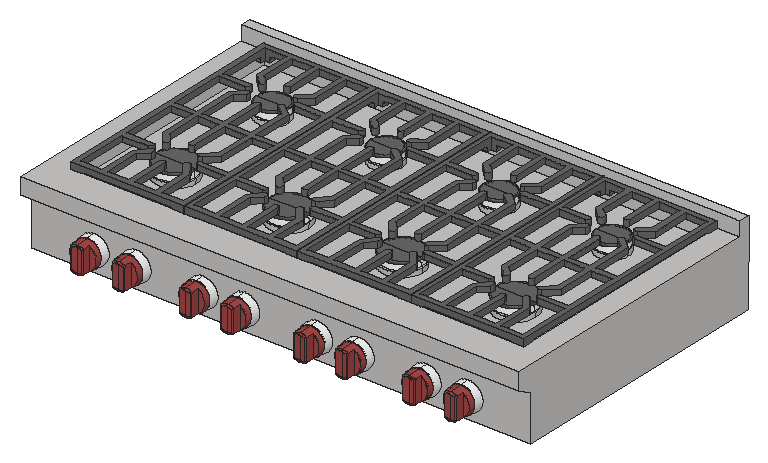
Revit family "e5de50f6c40e47718343b63774e076e1", category Specialty Equipment, Revit 2021
Family settings
  Round Connector Dimension = Use Diameter
  Part Type = Normal
  OmniClass Number = 23.40.40.14
  OmniClass Title = Food Service Equipment
  Work Plane-Based = No
  Always vertical = Yes
  Cut with Voids When Loaded = No
  Shared = No
  Room Calculation Point = No
Parameters (values of type "Burners")
  Width = 3' - 11 7/8"
  Wall Offset = 0' - 0"
  Voltage = 120 V
  Type Comments = ""
  Trim Finish = Appliance - Chrome
  Show Label = yes
  Power Consumption = 500 VA
  Label = "Rangetop"
  Knob = Appliance - Plastic - Red
  Height = 0' - 8 1/8"
  Griddle = Appliance - Stainless Steel - Brushed
  Grate Width = (Width - 0' 4 1/4") / 4 - 0' 0 1/32"  # 0' - 10 7/8"
  Grate Depth = Depth - 0' 4 79/256"  # 1' - 11 1/4"
  Description = "Rangetop"
  Depth = 2' - 3 143/256"
  Default Elevation = 0' - 0"
  Center Right Burners = yes
  Center Grate - Right = Cook Surface : Burners
  Center Grate - Left = Cook Surface : Burners
  Center Left Burners = yes
  Burner = Appliance - Burner Cover
  Assembly Code = "E1090320"
  Appliance Finish = Appliance - Stainless Steel - Semi-Polished
  Amperage = Power Consumption / Voltage  # 4.16667 A
Types (8): name | Grate Depth | Depth | Center Right Burners | Center Grate - Right | Center Grate - Left | Center Left Burners
  Burners | 1' - 11 1/4" | 2' - 3 143/256" | yes | Cook Surface : Burners | Cook Surface : Burners | yes
  Griddle / Grill | 1' - 11 1/4" | 2' - 3 143/256" | no | Cook Surface : Grill | Cook Surface : Griddle | no
  Grill / Griddle | 1' - 11.25046" | 2' - 3.55906" | no | Cook Surface : Griddle | Cook Surface : Grill | no
  Double Griddle | 1' - 11 1/4" | 2' - 3 143/256" | no | Cook Surface : Double Griddle - Right | Cook Surface : Double Griddle - Left | no
  Griddle - Center Left | 1' - 11 1/4" | 2' - 3 143/256" | yes | Cook Surface : Burners | Cook Surface : Griddle | no
  Griddle - Center Right | 1' - 11 1/4" | 2' - 3 143/256" | no | Cook Surface : Griddle | Cook Surface : Burners | yes
  Grill - Center Left | 1' - 11 1/4" | 2' - 3 143/256" | yes | Cook Surface : Burners | Cook Surface : Grill | no
  Grill - Center Right | 1' - 11 1/4" | 2' - 3 143/256" | no | Cook Surface : Grill | Cook Surface : Burners | yes
Reference planes (in)
  plane 1 "Back": y = 0
  plane 2: z = 0
  plane 3 "Center (Left/Right)": x = 0
  plane 4 "Left": x = -23.9375
  plane 5 "Right": x = 23.9375
  plane 6: y = 0
  plane 7 "Edge": y = -27.55859
  plane 8 "Door Back": y = -24.25151
  plane 9 "Top": z = 8.125
  plane 10 "Burner": z = 6.74705
  plane 11 "Knobs": z = 1.99705
  plane 12 "Door Face": y = -26.14127
  plane 13: x = 21.75
  plane 14: x = -21.75
  plane 15: x = 13.05
  plane 16: x = -13.05
  plane 17: x = -6.0625
  plane 18: x = -4.35
  plane 19: x = 4.35
  plane 20: x = -17.9375
  plane 21: x = -13.9375
  plane 22: x = 17.9375
  plane 23: x = 13.9375
  plane 24: x = 9.51875
  plane 25: z = 5.48957
  plane 26: x = -15
  plane 27: x = 8.9375
  plane 28: y = -37.55859
  plane 29: x = -0.4
  plane 30: x = 0.4
  plane 31: x = -1.2
  plane 32: x = 1.2
  plane 33: x = 11.15625
  plane 34 "1": x = -10.875
  plane 35: x = 0
  plane 36 "2": x = 10.875
  plane 37: x = -7.3125
  plane 38: x = 7.625
  plane 39: x = -7.34375
  plane 40: x = 7.34375
  plane 41: x = -3.5
  plane 42: x = -7.5
  plane 43: x = 3.5
  plane 44: x = 7.5
  plane 45: x = 19.9375
  plane 46: x = 16.9375
  plane 47: y = -4
Forms (in)
  Extrusion 1, void
    sketch origin (0, 0, 8.125) x (-1, 0, 0) y (0, -1, 0)
      loop
        line (21.75, 1) -> (21.75, 24.25151) -> (-21.75, 24.25151) -> (-21.75, 1) -> (21.75, 1)
    from 0 to -2.63543
  Extrusion 2, solid, material "Appliance - Stainless Steel - Semi-Polished" <- "Appliance Finish"
    sketch origin (0, 0, 0) x (0, 1, 0) y (0, 0, 1)
      loop
        line (-1, 8.125) -> (-1, 6.74705) -> (-27.55859, 6.74705) -> (-27.55859, 5.17224) -> (-26.14127, 4.38484) -> (-26.14127, 0) -> (0, 0) -> (0, 8.125) -> (-1, 8.125)
    from -23.9375 to 23.9375
Cuts and joins
  Extrusion 1 cuts Extrusion 2
Lines and regions (in)
  Split face 1
    outline origin (23.9375, -26.14127, 0) x (0, 1, 0) y (-1, 0, 0)
      loop
        circle (22.14127, 4) r 0.25
  Split face 2
    outline origin (23.9375, -26.14127, 0) x (0, 1, 0) y (-1, 0, 0)
      loop
        circle (22.14127, 7) r 0.25
Dimensions and locks (in)
  equal spacing: plane 4 "Left", plane 3 "Center (Left/Right)", plane 5 "Right"
  "Width": plane 4 "Left" to plane 5 "Right"
  "Depth": plane 6 to plane 7 "Edge"
  "Wall Offset": plane 1 "Back" to plane 6
  "Height": plane 9 "Top" to level
  locked: plane 8 "Door Back" to plane 7 "Edge" at 3.30709
  locked: plane 9 "Top" to plane 10 "Burner" at 1.37795
  locked: plane 10 "Burner" to plane 11 "Knobs" at 4.75
  locked: plane 6 to Extrusion 2 sketch curve at 1
  plane 6 to Extrusion 1 sketch curve = 0' - 1"
  locked: plane 7 "Edge" to plane 12 "Door Face" at 1.41732
  locked: plane 13 to plane 5 "Right" at 2.1875
  plane 4 "Left" to plane 14 = 0' - 2 3/16"
  locked: plane 5 "Right" to plane 17 at 30
  equal spacing: plane 14, plane 16, plane 18, plane 19, plane 15, plane 13
  plane 21 to plane 20 to plane 4 "Left" = 0' - 4" locked, 0' - 6" locked
  plane 5 "Right" to plane 22 to plane 23 = 0' - 6" locked, 0' - 4" locked
  locked: plane 15 to plane 24 at 3.53125
  locked: plane 9 "Top" to plane 25 at 2.63543
  equal spacing: plane 4 "Left", plane 26, plane 17
  equal spacing: plane 17, plane 27, plane 5 "Right"
  locked: plane 7 "Edge" to plane 28 at 10
  locked: plane 3 "Center (Left/Right)" to plane 29 at 0.4
  plane 30 to plane 3 "Center (Left/Right)" = 0' - 0.4"
  locked: plane 32 to plane 30 at 0.8
  locked: plane 29 to plane 31 at 0.8
  plane 14 to plane 34 "1" to plane 35 to plane 13 = 0' - 10 7/8", 0' - 10 7/8", 1' - 9 3/4"  (x2)
  plane 20 to plane 21 = 0' - 4"
  equal spacing: plane 14, plane 34 "1", plane 35, plane 36 "2", plane 13
  locked: plane 17 to plane 37 at 1.25
  plane 33 to plane 38 = 0' - 3 17/32"
  locked: plane 39 to plane 34 "1" at 3.53125
  locked: plane 36 "2" to plane 40 at 3.53125
  plane 3 "Center (Left/Right)" to plane 41 to plane 42 = 0' - 3 1/2" locked, 0' - 4" locked
  locked: plane 43 to plane 3 "Center (Left/Right)" at 3.5
  locked: plane 44 to plane 43 at 4
  plane 46 to plane 45 to plane 5 "Right" = 0' - 3" locked, 0' - 4" locked
  locked: plane 6 to plane 47 at 4
  radius of Split face 1 sketch curve = 0' - 0 1/4"
  radius of Split face 2 sketch curve = 0' - 0 1/4"
  aligned and locked: plane 2 to level
  aligned and locked: plane 9 "Top" to Extrusion 2 sketch curve
  aligned and locked: Extrusion 2 sketch curve to plane 12 "Door Face"
  aligned and locked: plane 7 "Edge" to Extrusion 2 sketch curve
  aligned and locked: plane 10 "Burner" to Extrusion 2 sketch curve
  aligned and locked: Extrusion 2 sketch curve to plane 6
  aligned and locked: plane 12 "Door Face" to nested 2
  aligned and locked: plane 12 "Door Face" to nested 3
  aligned and locked: nested 2 to plane 11 "Knobs"
  aligned and locked: nested 3 to plane 11 "Knobs"
  aligned and locked: plane 12 "Door Face" to nested 4
  aligned and locked: nested 4 to plane 11 "Knobs"
  aligned and locked: plane 14 to Extrusion 1 sketch curve
  aligned and locked: Extrusion 1 sketch curve to plane 13
  aligned and locked: nested 5 to plane 8 "Door Back"
  aligned and locked: nested 8 to plane 11 "Knobs"
  aligned and locked: nested 6 to plane 11 "Knobs"
  aligned and locked: nested 7 to plane 11 "Knobs"
  aligned and locked: nested 7 to plane 12 "Door Face"
  aligned and locked: nested 8 to plane 12 "Door Face"
  aligned and locked: nested 6 to plane 12 "Door Face"
  aligned and locked: nested 9 to plane 12 "Door Face"
  aligned and locked: nested 10 to plane 12 "Door Face"
  aligned and locked: plane 20 to nested 4
  aligned and locked: plane 21 to nested 3
  aligned and locked: plane 22 to nested 6
  aligned and locked: plane 23 to nested 2
  aligned and locked: nested 9 to plane 11 "Knobs"
  aligned and locked: nested 10 to plane 11 "Knobs"
  aligned and locked: plane 25 to nested 5
  aligned and locked: nested 1 to plane 28
  aligned and locked: nested 5 to plane 14
  aligned and locked: plane 34 "1" to nested 11
  aligned and locked: plane 36 "2" to nested 13
  aligned and locked: plane 36 "2" to nested 12
  aligned and locked: plane 8 "Door Back" to nested 11
  aligned and locked: plane 8 "Door Back" to nested 12
  aligned and locked: plane 8 "Door Back" to nested 13
  aligned and locked: plane 25 to nested 11
  aligned and locked: plane 25 to nested 12
  aligned and locked: plane 25 to nested 13
  aligned and locked: plane 3 "Center (Left/Right)" to nested 1
  aligned and locked: cut or joined group of Extrusion 1, Extrusion 2 to plane 2
  aligned and locked: plane 41 to nested 9
  aligned and locked: plane 42 to nested 7
  aligned and locked: plane 43 to nested 10
  aligned and locked: plane 44 to nested 8
  aligned and locked: Extrusion 2 to plane 4 "Left"
  aligned and locked: plane 5 "Right" to cut or joined group of Extrusion 1, Extrusion 2
Automatic sketch dimensions
  Extrusion 1 sketch curve to plane 8 "Door Back" = 0' - 0"
  Extrusion 2 sketch curve to plane 10 "Burner" = 0' - 2.3622"
  Extrusion 2 sketch curve to Extrusion 2 sketch curve = 0' - 1.5748"
  level to Extrusion 2 sketch curve = 0' - 0"
  Split face 1 sketch curve to cut or joined group of Extrusion 1, Extrusion 2 = 0' - 4"  (x2)
  Split face 2 sketch curve to cut or joined group of Extrusion 1, Extrusion 2 = 0' - 4"
  Split face 2 sketch curve to cut or joined group of Extrusion 1, Extrusion 2 = 0' - 7"
Nested families (in)
  nested 1: "Label Annotation 3-32" at (0, -37.55859, 0), visible <- "Show Label", type "Label Annotation 3-32"
  nested 2: "Knob" at (13.9375, -26.14127, 1.99705), type "Knob", detail levels medium+fine
  nested 3: "Knob" at (-13.9375, -26.14127, 1.99705), type "Knob", detail levels medium+fine
  nested 4: "Knob" at (-17.9375, -26.14127, 1.99705), type "Knob", detail levels medium+fine
  nested 5: "Cook Surface" at (-16.30585, -12.62651, 5.48957), type "Burners"
    with Grate Width 0' - 10 7/8", Grate Depth 1' - 11 1/4"
  nested 6: "Knob" at (17.9375, -26.14127, 1.99705), type "Knob", detail levels medium+fine
  nested 7: "Knob" at (-7.5, -26.14127, 1.99705), type "Knob", detail levels medium+fine
  nested 8: "Knob" at (7.5, -26.14127, 1.99705), type "Knob", detail levels medium+fine
  nested 9: "Knob" at (-3.5, -26.14127, 1.99705), visible <- "Center Left Burners", type "Knob", detail levels medium+fine
  nested 10: "Knob" at (3.5, -26.14127, 1.99705), visible <- "Center Right Burners", type "Knob", detail levels medium+fine
  nested 11: "Cook Surface" at (-5.43085, -12.62651, 5.48957), type <- "Center Grate - Left", type "Burners"
    with Grate Width 0' - 10 7/8", Grate Depth 1' - 11 1/4"
  nested 12: "Cook Surface" at (5.44415, -12.62651, 5.48957), type <- "Center Grate - Right", type "Burners"
    with Grate Width 0' - 10 7/8", Grate Depth 1' - 11 1/4"
  nested 13: "Cook Surface" at (16.31915, -12.62651, 5.48957), type "Burners"
    with Grate Width 0' - 10 7/8", Grate Depth 1' - 11 1/4"
Connectors (in)
  electrical at (19.9375, -4, 0), driven by "Voltage", driven by "Power Consumption"
    settings: on cut or joined group of Extrusion 1, Extrusion 2, index 1, voltage 120 V, apparent load 500 VA, apparent load phase1 0 VA, apparent load phase2 0 VA, apparent load phase3 0 VA, power factor 1, load classification "Appliance", number of poles 1, system type 30, power factor state 1, is connector primary yes, connector utility no, sub classification motor no, connector description "Rangetop Power"
  piping at (16.9375, -4, 0), diameter 0.5
    settings: on cut or joined group of Extrusion 1, Extrusion 2, index 2, connector inside diameter 24", connector length 0' - 0", flow factor 0, pipe flow 0 GPM, pressure drop 0.00 psi, fitting loss kfactor 0, connector angle 0.00°, fixture units 0, engagement length 0' - 0", angle of deflection 0.00°, flow configuration 1, flow direction 1, fitting loss method 0, system type 22, joint type 0, gender type 0, connector reference index -1, connector utility 0, adjustable connector no, is connector primary yes, connector description "Rangetop Gas"
Definition of nested family "Knob"
  Parameters
    Material = none
    Default Elevation = 0' - 0"
    Bezel Material = none
  Reference planes (in)
    plane 1 "Center (Front/Back)": y = 0
    plane 2: z = 0
    plane 3 "Center (Left/Right)": x = 0
    plane 4: y = -1.37795
    plane 5: y = -2.16535
  Forms (in)
    Revolve 1, solid, material <- "Material"
      sketch origin (0, 0, 0) x (0, 1, 0) y (0, 0, 1)
        loop
          line (0, 1.37795) -> (-0.7874, 1.29921) -> (-0.7874, 1.25984) -> (-2.07428, 1.22307)
          arc (-2.07428, 1.22307) -> (-2.13884, 1.1947) -> (-2.16535, 1.12936) r 0.09375
          line (-2.16535, 1.12936) -> (-2.16535, 0) -> (0, 0) -> (0, 1.37795)
        axis (0, 0) -> (-2.16535, 0)
      angle from 0 to 360
    Extrusion 2, void
      sketch origin (0, 0, 0) x (1, 0, 0) y (0, 1, 0)
        loop
          line (1.24297, -1.37795) -> (0.59055, -1.37795) -> (0.59055, -2.0716)
          arc (0.59055, -2.0716) -> (0.56309, -2.1379) -> (0.4968, -2.16535) r 0.09375
          line (0.4968, -2.16535) -> (1.24297, -2.16535) -> (1.24297, -1.37795)
        loop
          line (-1.24297, -1.37795) -> (-1.24297, -2.16535) -> (-0.4968, -2.16535)
          arc (-0.4968, -2.16535) -> (-0.56309, -2.1379) -> (-0.59055, -2.0716) r 0.09375
          line (-0.59055, -2.0716) -> (-0.59055, -1.37795) -> (-1.24297, -1.37795)
      from -1.36823 to 1.44523
  Cuts and joins
    Extrusion 2 cuts Revolve 1
  Dimensions and locks (in)
    plane 5 to plane 4 to plane 1 "Center (Front/Back)" = 0' - 0.7874" locked, 0' - 1.37795" locked
    aligned and locked: plane 2 to level
    aligned and locked: Revolve 1 sketch curve to level
    aligned and locked: plane 4 to Extrusion 2 sketch curve
    aligned and locked: Extrusion 2 sketch curve to plane 5
Definition of nested family "Cook Surface"
  Parameters (values of type "Grill")
    ShowGrate = no
    Show Base = yes
    Has Grill = yes
    Has Griddle = no
    Griddle Right Extension = 0' - 1.27352"
    Griddle Left Extension = 0' - 0.83367"
    Griddle = none
    Grate Width = 0' - 10.54167"
    Grate Thickness = 0' - 0 1/2"
    Grate Depth = 1' - 11.25046"
    Grate = none
    Default Elevation = 0' - 0"
    Burner = none
    Has Burners = no
    Show Burners = no
  Types (3): name | ShowGrate | Show Base | Has Grill | Has Griddle | Griddle Right Extension | Griddle Left Extension | Grate Thickness | Has Burners | Show Burners
    Burners | yes | no | no | no | 0' - 0 1/8" | 0' - 0 1/8" | 0' - 0 1/2" | yes | yes
    Grill | no | yes | yes | no | 0' - 1.27352" | 0' - 0.83367" | 0' - 0 1/2" | no | no
    Griddle | no | no | no | yes | 0' - 0 1/8" | 0' - 0 1/8" | 0' - 0.57023" | no | no
  Reference planes (in)
    plane 1 "Center (Front/Back)": y = 0
    plane 2 "Bottom": z = 0
    plane 3 "Center (Left/Right)": x = -0.00665
    plane 4 "T.O. Burner": z = 1.34217
    plane 5 "Back Burner": y = 5.81262
    plane 6 "Front Burner": y = -5.81262
    plane 7: z = 2.43858
    plane 8 "B.O. Grate": z = 0
    plane 9 "T.O. Pan": z = 0.76772
    plane 10 "Back": y = 11.62523
    plane 11 "Front": y = -11.62523
    plane 12 "Left": x = -5.27749
    plane 13 "Right": x = 5.26418
    plane 14 "Surface Bottom": z = 1.8783
    plane 15: x = -2.76707
    plane 16: x = 2.25376
    plane 17: x = 4.76418
    plane 18: x = -4.77749
    plane 19: y = 11.06273
    plane 20: y = 6.06262
    plane 21: y = 0.25
    plane 22: y = -0.25
    plane 23: y = -11.06273
    plane 24: x = -2.26707
    plane 25: x = 2.75376
    plane 26: x = -0.27228
    plane 27: x = 0.24335
    plane 28: y = 5.56262
    plane 29: y = -5.56262
    plane 30: y = -6.06262
    plane 31: x = -4.44381
    plane 32: x = 3.99066
  Forms (in)
    Extrusion 1, void
      sketch origin (17.08036, 13.77842, -33.41886) x (1, 0, 0) y (0, 0, 1)
        loop
          arc (-12.81618, 34.51103) -> (-12.8894, 34.6878) -> (-13.06618, 34.76103) r 0.25
          line (-13.06618, 34.76103) -> (-21.10784, 34.76103)
          arc (-21.10784, 34.76103) -> (-21.28462, 34.6878) -> (-21.35784, 34.51103) r 0.25
          line (-21.35784, 34.51103) -> (-21.35784, 34.18658) -> (-12.81618, 34.18658) -> (-12.81618, 34.51103)
      from 2.15342 to 27.35634
    Extrusion 2, void
      sketch origin (17.08036, 13.77842, -33.41886) x (0, 1, 0) y (0, 0, 1)
        loop
          arc (-3.15319, 34.51103) -> (-3.22641, 34.6878) -> (-3.40319, 34.76103) r 0.25
          line (-3.40319, 34.76103) -> (-24.15365, 34.76103)
          arc (-24.15365, 34.76103) -> (-24.33043, 34.6878) -> (-24.40365, 34.51103) r 0.25
          line (-24.40365, 34.51103) -> (-24.40365, 34.18658) -> (-3.15319, 34.18658) -> (-3.15319, 34.51103)
      from -22.35784 to -11.81618
    Revolve 3, solid, material <- "Burner", visible <- "Show Burners"
      sketch origin (0.0625, 5.81262, -33.41886) x (1, 0, 0) y (0, 0, 1)
        loop
          line (-0.06915, 33.41886) -> (-0.06915, 34.73414) -> (-1.53659, 34.73414)
          arc (-1.53659, 34.73414) -> (-1.6119, 34.65884) -> (-1.53659, 34.58353) r 0.07531
          line (-1.53659, 34.58353) -> (-1.42618, 34.58353) -> (-1.53143, 33.96435) -> (-1.60728, 33.86325) -> (-1.60728, 33.41886) -> (-0.06915, 33.41886)
        axis (-0.06915, 34.73414) -> (-0.06915, 33.41886)
      angle from 0 to 360
    Revolve 4, solid, material <- "Burner", visible <- "Show Burners"
      sketch origin (0, -5.81262, -33.41886) x (1, 0, 0) y (0, 0, 1)
        loop
          line (-0.00665, 33.41886) -> (-0.00665, 34.73414) -> (-1.89597, 34.73414)
          arc (-1.89597, 34.73414) -> (-1.97127, 34.65884) -> (-1.89597, 34.58353) r 0.07531
          line (-1.89597, 34.58353) -> (-1.78555, 34.58353) -> (-1.89081, 33.96435) -> (-1.96666, 33.86325) -> (-1.96666, 33.41886) -> (-0.00665, 33.41886)
        axis (-0.00665, 34.73414) -> (-0.00665, 33.41886)
      angle from 0 to 360
    Extrusion 5, solid, material <- "Grate", visible <- "Show Base", detail levels medium+fine
      sketch origin (0, 0, 0.76772) x (-1, 0, 0) y (0, -1, 0)
        loop
          line (5.27749, -11.62523) -> (5.27749, 11.62523) -> (-5.26418, 11.62523) -> (-5.26418, -11.62523) -> (5.27749, -11.62523)
        loop
          line (4.45725, -10.805) -> (4.45725, 10.805) -> (-4.45168, 10.805) -> (-4.45168, -10.805) -> (4.45725, -10.805)
      from 0 to 1.11058
    Extrusion 6, solid, material <- "Grate", visible <- "Has Grill"
      sketch origin (0, 0, 0) x (1, 0, 0) y (0, 0, 1)
        loop
          line (-5.27749, 1.8783) -> (-4.85071, 1.8783) -> (-4.85071, 2.2618) -> (-5.02749, 2.43858) -> (-5.27749, 2.43858) -> (-5.27749, 1.8783)
        loop
          line (0.1487, 1.8783) -> (0.1487, 2.43858) -> (-0.16201, 2.43858) -> (-0.16201, 1.8783) -> (0.1487, 1.8783)
        loop
          line (-0.47271, 1.8783) -> (-0.47271, 2.43858) -> (-0.78341, 2.43858) -> (-0.78341, 1.8783) -> (-0.47271, 1.8783)
        loop
          line (-1.09412, 1.8783) -> (-1.09412, 2.43858) -> (-1.40482, 2.43858) -> (-1.40482, 1.8783) -> (-1.09412, 1.8783)
        loop
          line (-1.71553, 1.8783) -> (-1.71553, 2.43858) -> (-2.02623, 2.43858) -> (-2.02623, 1.8783) -> (-1.71553, 1.8783)
        loop
          line (-2.33693, 1.8783) -> (-2.33693, 2.43858) -> (-2.64764, 2.43858) -> (-2.64764, 1.8783) -> (-2.33693, 1.8783)
        loop
          line (-2.95834, 1.8783) -> (-2.95834, 2.43858) -> (-3.26905, 2.43858) -> (-3.26905, 1.8783) -> (-2.95834, 1.8783)
        loop
          line (-3.57975, 1.8783) -> (-3.57975, 2.43858) -> (-3.89045, 2.43858) -> (-3.89045, 1.8783) -> (-3.57975, 1.8783)
        loop
          line (-4.20116, 1.8783) -> (-4.20116, 2.43858) -> (-4.51186, 2.43858) -> (-4.51186, 1.8783) -> (-4.20116, 1.8783)
        loop
          line (5.26418, 1.8783) -> (5.26418, 2.43858) -> (5.01418, 2.43858) -> (4.8374, 2.2618) -> (4.8374, 1.8783) -> (5.26418, 1.8783)
        loop
          line (0.4594, 1.8783) -> (0.77011, 1.8783) -> (0.77011, 2.43858) -> (0.4594, 2.43858) -> (0.4594, 1.8783)
        loop
          line (1.08081, 1.8783) -> (1.39151, 1.8783) -> (1.39151, 2.43858) -> (1.08081, 2.43858) -> (1.08081, 1.8783)
        loop
          line (1.70222, 1.8783) -> (2.01292, 1.8783) -> (2.01292, 2.43858) -> (1.70222, 2.43858) -> (1.70222, 1.8783)
        loop
          line (2.32363, 1.8783) -> (2.63433, 1.8783) -> (2.63433, 2.43858) -> (2.32363, 2.43858) -> (2.32363, 1.8783)
        loop
          line (2.94503, 1.8783) -> (3.25574, 1.8783) -> (3.25574, 2.43858) -> (2.94503, 2.43858) -> (2.94503, 1.8783)
        loop
          line (3.56644, 1.8783) -> (3.87715, 1.8783) -> (3.87715, 2.43858) -> (3.56644, 2.43858) -> (3.56644, 1.8783)
        loop
          line (4.18785, 1.8783) -> (4.49856, 1.8783) -> (4.49856, 2.43858) -> (4.18785, 2.43858) -> (4.18785, 1.8783)
      from -11.62523 to 11.62523
    Extrusion 7, solid, material <- "Griddle", visible <- "Has Griddle"
      sketch origin (0, 0, 0.76772) x (-1, 0, 0) y (0, -1, 0)
        loop
          line (5.27749, -11.62523) -> (5.27749, 11.62523) -> (-5.26418, 11.62523) -> (-5.26418, -11.62523) -> (5.27749, -11.62523)
      from 0 to 1.67086
    Extrusion 8, void
      sketch origin (-0.00665, 0, 0) x (0, 1, 0) y (0, 0, 1)
        loop
          line (11.50023, 2.43858) -> (-11.50023, 2.43858) -> (-11.50023, 1.34217) -> (-9.75023, 1.34217) -> (-9.75023, 1.8783) -> (11.50023, 1.8783) -> (11.50023, 2.43858)
      from -4.43716 to 3.99732
    Extrusion 9, solid, material <- "Grate", visible <- "ShowGrate", detail levels fine
      sketch origin (0, 0, 0.76772) x (-1, 0, 0) y (0, -1, 0)
        loop
          line (5.27749, -11.62523) -> (5.27749, 11.62523) -> (-5.26418, 11.62523) -> (-5.26418, -11.62523) -> (5.27749, -11.62523)
        loop
          line (4.77749, -11.06273) -> (4.77749, -6.06262) -> (2.26707, -6.06262)
          arc (2.26707, -6.06262) -> (2.01707, -5.81262) -> (2.26707, -5.56262) r 0.25
          line (2.26707, -5.56262) -> (4.77749, -5.56262) -> (4.77749, -0.25) -> (2.76707, -0.25) -> (2.76707, -4.17988) -> (1.89391, -5.04238)
          arc (1.89391, -5.04238) -> (1.49616, -5.04238) -> (1.49616, -4.64463) r 0.28125
          line (1.49616, -4.64463) -> (2.26707, -3.94689) -> (2.26707, -0.25) -> (0.27228, -0.25) -> (0.27228, -3.98172)
          arc (0.27228, -3.98172) -> (0.01447, -4.23953) -> (-0.24335, -3.98172) r 0.25781
          line (-0.24335, -3.98172) -> (-0.24335, -0.25) -> (-2.25376, -0.25) -> (-2.25376, -3.94689) -> (-1.35786, -4.64463)
          arc (-1.35786, -4.64463) -> (-1.35786, -5.04238) -> (-1.7556, -5.04238) r 0.28125
          line (-1.7556, -5.04238) -> (-2.75376, -4.17988) -> (-2.75376, -0.25) -> (-4.77191, -0.25) -> (-4.77191, -5.56262) -> (-2.25376, -5.56262)
          arc (-2.25376, -5.56262) -> (-2.00376, -5.81262) -> (-2.25376, -6.06262) r 0.25
          line (-2.25376, -6.06262) -> (-4.77191, -6.06262) -> (-4.77191, -11.06273) -> (-2.75376, -11.06273) -> (-2.75376, -7.44535) -> (-1.7556, -6.58285)
          arc (-1.7556, -6.58285) -> (-1.35786, -6.58285) -> (-1.35786, -6.9806) r 0.28125
          line (-1.35786, -6.9806) -> (-2.25376, -7.67834) -> (-2.25376, -11.06273) -> (-0.24335, -11.06273) -> (-0.24335, -7.64351)
          arc (-0.24335, -7.64351) -> (0.01447, -7.3857) -> (0.27228, -7.64351) r 0.25781
          line (0.27228, -7.64351) -> (0.27228, -11.06273) -> (2.26707, -11.06273) -> (2.26707, -7.67834) -> (1.49616, -6.9806)
          arc (1.49616, -6.9806) -> (1.49616, -6.58285) -> (1.89391, -6.58285) r 0.28125
          line (1.89391, -6.58285) -> (2.76707, -7.44535) -> (2.76707, -11.06273) -> (4.77749, -11.06273)
        loop
          line (4.77749, 11.07046) -> (2.76707, 11.07046) -> (2.76707, 7.3952) -> (1.89391, 6.33454)
          arc (1.89391, 6.33454) -> (1.49616, 6.33454) -> (1.49616, 6.73229) r 0.28125
          line (1.49616, 6.73229) -> (2.26707, 7.6282) -> (2.26707, 11.07046) -> (0.27228, 11.07046) -> (0.27228, 7.3952)
          arc (0.27228, 7.3952) -> (0.01447, 7.13739) -> (-0.24335, 7.3952) r 0.25781
          line (-0.24335, 7.3952) -> (-0.24335, 11.07046) -> (-2.25376, 11.07046) -> (-2.25376, 7.86584) -> (-1.35786, 6.73229)
          arc (-1.35786, 6.73229) -> (-1.35786, 6.33454) -> (-1.7556, 6.33454) r 0.28125
          line (-1.7556, 6.33454) -> (-2.75376, 7.63285) -> (-2.75376, 11.07046) -> (-4.77191, 11.07046) -> (-4.77191, 6.06262) -> (-2.25376, 6.06262)
          arc (-2.25376, 6.06262) -> (-2.00376, 5.81262) -> (-2.25376, 5.56262) r 0.25
          line (-2.25376, 5.56262) -> (-4.77191, 5.56262) -> (-4.77191, 0.25) -> (-2.75376, 0.25) -> (-2.75376, 3.84709) -> (-1.7556, 4.90775)
          arc (-1.7556, 4.90775) -> (-1.35786, 4.90775) -> (-1.35786, 4.51) r 0.28125
          line (-1.35786, 4.51) -> (-2.25376, 3.6141) -> (-2.25376, 0.25) -> (-0.24335, 0.25) -> (-0.24335, 3.81771)
          arc (-0.24335, 3.81771) -> (0.01447, 4.07552) -> (0.27228, 3.81771) r 0.25781
          line (0.27228, 3.81771) -> (0.27228, 0.25) -> (2.26707, 0.25) -> (2.26707, 3.6141) -> (1.49616, 4.51)
          arc (1.49616, 4.51) -> (1.49616, 4.90775) -> (1.89391, 4.90775) r 0.28125
          line (1.89391, 4.90775) -> (2.76707, 3.84709) -> (2.76707, 0.25) -> (4.77749, 0.25) -> (4.77749, 5.56262) -> (2.26707, 5.56262)
          arc (2.26707, 5.56262) -> (2.01707, 5.81262) -> (2.26707, 6.06262) r 0.25
          line (2.26707, 6.06262) -> (4.77749, 6.06262) -> (4.77749, 11.07046)
      from 0 to 1.11058
  Cuts and joins
    Extrusion 1, Extrusion 2, Extrusion 8 cuts Extrusion 5
    Extrusion 8 cuts Extrusion 7
    Extrusion 1, Extrusion 2 cuts Extrusion 9
  Dimensions and locks (in)
    equal spacing: plane 10 "Back", plane 5 "Back Burner", plane 1 "Center (Front/Back)", plane 6 "Front Burner", plane 11 "Front"
    "Grate Depth": plane 10 "Back" to plane 11 "Front"
    equal spacing: plane 12 "Left", plane 3 "Center (Left/Right)", plane 13 "Right"
    "Grate Width": plane 12 "Left" to plane 13 "Right"
    locked: plane 7 to plane 14 "Surface Bottom" at 0.56028
    locked: Extrusion 5 sketch curve to plane 11 "Front" at 0.82023
    locked: plane 10 "Back" to Extrusion 5 sketch curve at 0.82023
    locked: Extrusion 5 sketch curve to plane 13 "Right" at 0.8125
    locked: plane 12 "Left" to Extrusion 5 sketch curve at 0.82023
    locked: plane 12 "Left" to Extrusion 6 sketch curve at 0.76563
    locked: Extrusion 6 sketch curve to plane 13 "Right" at 0.76563
    equal spacing: Extrusion 6 sketch curve, Extrusion 6 sketch curve, Extrusion 6 sketch curve, Extrusion 6 sketch curve, Extrusion 6 sketch curve, Extrusion 6 sketch curve, Extrusion 6 sketch curve, Extrusion 6 sketch curve, Extrusion 6 sketch curve, Extrusion 6 sketch curve, Extrusion 6 sketch curve, Extrusion 6 sketch curve, Extrusion 6 sketch curve, Extrusion 6 sketch curve, Extrusion 6 sketch curve, Extrusion 6 sketch curve, Extrusion 6 sketch curve, Extrusion 6 sketch curve, Extrusion 6 sketch curve, Extrusion 6 sketch curve, Extrusion 6 sketch curve, Extrusion 6 sketch curve, Extrusion 6 sketch curve, Extrusion 6 sketch curve, Extrusion 6 sketch curve, Extrusion 6 sketch curve, Extrusion 6 sketch curve, Extrusion 6 sketch curve, Extrusion 6 sketch curve, Extrusion 6 sketch curve
    locked: plane 10 "Back" to Extrusion 8 sketch curve at 0.125
    locked: Extrusion 8 sketch curve to plane 11 "Front" at 0.125
    plane 12 "Left" to cut or joined group of Extrusion 7, Extrusion 8 = 0' - 0.83367"
    cut or joined group of Extrusion 7, Extrusion 8 to plane 13 "Right" = 0' - 1.27352"
    locked: plane 15 to plane 24 at 0.5
    locked: plane 16 to plane 25 at 0.5
    plane 26 to plane 27 = 0' - 0 33/64"  (x2)
    plane 29 to plane 6 "Front Burner" to plane 30 = 0' - 0 1/4" locked, 0' - 0 1/4" locked
    plane 21 to plane 1 "Center (Front/Back)" to plane 22 = 0' - 0 1/4" locked, 0' - 0 1/4" locked
    plane 20 to plane 5 "Back Burner" to plane 28 = 0' - 0 1/4" locked, 0' - 0 1/4" locked
    locked: plane 12 "Left" to Extrusion 1 sketch curve at 1
    locked: Extrusion 1 sketch curve to plane 13 "Right" at 1
    locked: plane 10 "Back" to Extrusion 2 sketch curve at 1
    locked: Extrusion 2 sketch curve to plane 11 "Front" at 1
    "Griddle Left Extension": plane 12 "Left" to plane 31
    "Griddle Right Extension": plane 32 to plane 13 "Right"
    locked: plane 17 to plane 13 "Right" at 0.5
    locked: plane 12 "Left" to plane 18 at 0.5
    equal spacing: plane 18, plane 24, plane 27, plane 25, plane 13 "Right"
    locked: plane 10 "Back" to plane 19 at 0.5625
    locked: plane 23 to plane 11 "Front" at 0.5625
    locked: cut or joined group of Extrusion 7, Extrusion 8 to plane 11 "Front" at 1.875
    plane 12 "Left" to plane 3 "Center (Left/Right)" = 0' - 5.27083"
    plane 3 "Center (Left/Right)" to plane 13 "Right" = 0' - 5.27083"
    aligned and locked: Revolve 4 to plane 8 "B.O. Grate"
    aligned and locked: Revolve 3 to plane 8 "B.O. Grate"
    aligned and locked: Revolve 4 sketch curve to plane 3 "Center (Left/Right)"
    aligned and locked: Revolve 3 sketch curve to plane 3 "Center (Left/Right)"
    aligned and locked: plane 9 "T.O. Pan" to Extrusion 2 sketch curve
    aligned and locked: Extrusion 1 sketch curve to plane 9 "T.O. Pan"
    aligned and locked: Extrusion 5 sketch curve to plane 10 "Back"
    aligned and locked: plane 13 "Right" to Extrusion 5 sketch curve
    aligned and locked: plane 11 "Front" to Extrusion 5 sketch curve
    aligned and locked: Extrusion 5 sketch curve to plane 12 "Left"
    aligned and locked: Extrusion 5 to plane 9 "T.O. Pan"
    aligned and locked: cut or joined group of Extrusion 1, Extrusion 2, Extrusion 5, Extrusion 8 to plane 13 "Right"
    aligned and locked: plane 12 "Left" to cut or joined group of Extrusion 1, Extrusion 2, Extrusion 5, Extrusion 8
    aligned and locked: Extrusion 1 sketch curve to plane 4 "T.O. Burner"
    aligned and locked: plane 4 "T.O. Burner" to Extrusion 2 sketch curve
    aligned and locked: Extrusion 6 sketch curve to plane 7  (x9)
    aligned and locked: plane 7 to Extrusion 6 sketch curve  (x8)
    aligned and locked: Extrusion 6 sketch curve to plane 14 "Surface Bottom"  (x8)
    aligned and locked: plane 14 "Surface Bottom" to Extrusion 6 sketch curve  (x9)
    aligned and locked: Extrusion 6 sketch curve to plane 12 "Left"
    aligned and locked: Extrusion 6 sketch curve to plane 13 "Right"
    aligned and locked: plane 10 "Back" to Extrusion 6
    aligned and locked: Extrusion 7 sketch curve to plane 10 "Back"
    aligned and locked: Extrusion 7 sketch curve to plane 12 "Left"
    aligned and locked: plane 13 "Right" to Extrusion 7 sketch curve
    aligned and locked: plane 11 "Front" to Extrusion 7 sketch curve
    aligned and locked: plane 7 to Extrusion 7
    aligned and locked: Extrusion 8 sketch curve to plane 14 "Surface Bottom"
    aligned and locked: plane 7 to Extrusion 8 sketch curve
    aligned and locked: Extrusion 8 sketch curve to plane 4 "T.O. Burner"
    aligned and locked: cut or joined group of Extrusion 7, Extrusion 8 to plane 9 "T.O. Pan"
    aligned and locked: plane 18 to Extrusion 9 sketch curve  (x2)
    aligned and locked: Extrusion 9 sketch curve to plane 19  (x4)
    aligned and locked: plane 13 "Right" to Extrusion 9 sketch curve
    aligned and locked: Extrusion 9 sketch curve to plane 20
    aligned and locked: plane 20 to Extrusion 9 sketch curve
    aligned and locked: Extrusion 9 sketch curve to plane 28
    aligned and locked: plane 28 to Extrusion 9 sketch curve
    aligned and locked: Extrusion 9 sketch curve to plane 29
    aligned and locked: plane 30 to Extrusion 9 sketch curve
    aligned and locked: plane 29 to Extrusion 9 sketch curve
    aligned and locked: Extrusion 9 sketch curve to plane 30
    aligned and locked: Extrusion 9 to plane 9 "T.O. Pan"
    aligned and locked: plane 14 "Surface Bottom" to Extrusion 9
    aligned and locked: plane 32 to Extrusion 8
    aligned and locked: Extrusion 8 to plane 31
    aligned and locked: Extrusion 6 to plane 11 "Front"
  Automatic sketch dimensions
    Extrusion 2 sketch curve to Extrusion 2 sketch curve = 0' - 0 1/4"  (x2)
    Revolve 3 sketch curve to plane 2 "Bottom" = 0' - 0"
    Revolve 3 sketch curve to plane 3 "Center (Left/Right)" = 0' - 0"
    Revolve 3 sketch curve to plane 4 "T.O. Burner" = 0' - 0.1775"
    Revolve 3 sketch curve to plane 3 "Center (Left/Right)" = 0' - 1.35703"
    Revolve 3 sketch curve to plane 9 "T.O. Pan" = 0' - 0.22222"
    Revolve 3 sketch curve to Revolve 3 sketch curve = 0' - 0.10525"
    Revolve 3 sketch curve to Revolve 3 sketch curve = 0' - 0.11041"
    Revolve 3 sketch curve to plane 9 "T.O. Pan" = 0' - 0.32333"
    Revolve 3 sketch curve to Revolve 3 sketch curve = 0' - 0.07585"
    Revolve 3 sketch curve to Revolve 3 sketch curve = 0' - 0.07531"
    Revolve 3 sketch curve to Revolve 3 sketch curve = 17' - 9.41886"
    plane 7 to Revolve 3 sketch curve = 11' - 11.39256"
    Revolve 4 sketch curve to plane 2 "Bottom" = 0' - 0"
    Revolve 4 sketch curve to plane 3 "Center (Left/Right)" = 0' - 0"
    Revolve 4 sketch curve to plane 4 "T.O. Burner" = 0' - 0.1775"
    Revolve 4 sketch curve to plane 3 "Center (Left/Right)" = 0' - 1.7789"
    Revolve 4 sketch curve to plane 9 "T.O. Pan" = 0' - 0.22222"
    Revolve 4 sketch curve to Revolve 4 sketch curve = 0' - 0.10525"
    Revolve 4 sketch curve to Revolve 4 sketch curve = 0' - 0.11041"
    Revolve 4 sketch curve to plane 9 "T.O. Pan" = 0' - 0.32333"
    Revolve 4 sketch curve to Revolve 4 sketch curve = 0' - 0.07585"
    Revolve 4 sketch curve to Revolve 4 sketch curve = 0' - 0.07531"
    Revolve 4 sketch curve to Revolve 4 sketch curve = 17' - 9.41886"
    plane 7 to Revolve 4 sketch curve = 11' - 11.39256"
    Extrusion 6 sketch curve to plane 12 "Left" = 0' - 0 1/4"
    Extrusion 6 sketch curve to Extrusion 6 sketch curve = 0' - 0.33885"  (x2)
    Extrusion 6 sketch curve to plane 7 = 0' - 0.17678"  (x2)
    Extrusion 6 sketch curve to Extrusion 6 sketch curve = 0' - 0 1/4"
    Extrusion 8 sketch curve to Extrusion 8 sketch curve = 0' - 1 3/4"
    Extrusion 9 sketch curve to plane 21 = 0' - 0"  (x4)
    Extrusion 9 sketch curve to plane 22 = 0' - 0"  (x4)
    Extrusion 9 sketch curve to plane 25 = 0' - 0"  (x4)
    Extrusion 9 sketch curve to plane 16 = 0' - 0"  (x6)
    Extrusion 9 sketch curve to plane 27 = 0' - 0"  (x4)
    Extrusion 9 sketch curve to plane 26 = 0' - 0"  (x4)
    Extrusion 9 sketch curve to plane 24 = 0' - 0"  (x6)
    Extrusion 9 sketch curve to plane 15 = 0' - 0"  (x4)
    Extrusion 9 sketch curve to plane 18 = 0' - 0"  (x2)
    Extrusion 9 sketch curve to plane 10 "Back" = 0' - 0"
    Extrusion 9 sketch curve to plane 12 "Left" = 0' - 0"
    Extrusion 9 sketch curve to plane 11 "Front" = 0' - 0"
    plane 17 to Extrusion 9 sketch curve = 0' - 0.00773"  (x4)
    Extrusion 9 sketch curve to plane 16 = 0' - 0.49816"  (x4)
    Extrusion 9 sketch curve to Extrusion 9 sketch curve = 0' - 0.19887"  (x24)
    Extrusion 9 sketch curve to plane 24 = 0' - 0.77091"  (x4)
    Extrusion 9 sketch curve to Extrusion 9 sketch curve = 0' - 1.61573"  (x2)
    plane 20 to Extrusion 9 sketch curve = 0' - 1.58089"
    Extrusion 9 sketch curve to Extrusion 9 sketch curve = 0' - 0.233"  (x8)
    plane 20 to Extrusion 9 sketch curve = 0' - 0 235/256"  (x2)
    Extrusion 9 sketch curve to plane 28 = 0' - 0.52023"  (x2)
    Extrusion 9 sketch curve to Extrusion 9 sketch curve = 0' - 0.8625"  (x2)
    Extrusion 9 sketch curve to Extrusion 9 sketch curve = 0' - 0.66291"
    Extrusion 9 sketch curve to Extrusion 9 sketch curve = 0' - 1.94852"  (x2)
    plane 29 to Extrusion 9 sketch curve = 0' - 1.74491"
    plane 29 to Extrusion 9 sketch curve = 0' - 1.05261"  (x2)
    Extrusion 9 sketch curve to plane 30 = 0' - 0.27193"  (x2)
    Extrusion 9 sketch curve to plane 30 = 0' - 1.33259"  (x2)
    Extrusion 9 sketch curve to plane 30 = 0' - 1.57023"
    Extrusion 9 sketch curve to plane 23 = 0' - 0.00773"  (x4)
    Extrusion 1 sketch curve to plane 4 "T.O. Burner" = 0' - 0 1/4"
    Extrusion 1 sketch curve to Extrusion 1 sketch curve = 0' - 0 1/4"
Definition of nested family "Label Annotation 3-32"
  Parameters
    Label = "Freezer 36 LH"
  Reference planes (in)
    plane 1: y = 0
    plane 2: x = 0
  Text (in)
    label "Label" at (0.00375, -0.00345, 0), shows "Label"
